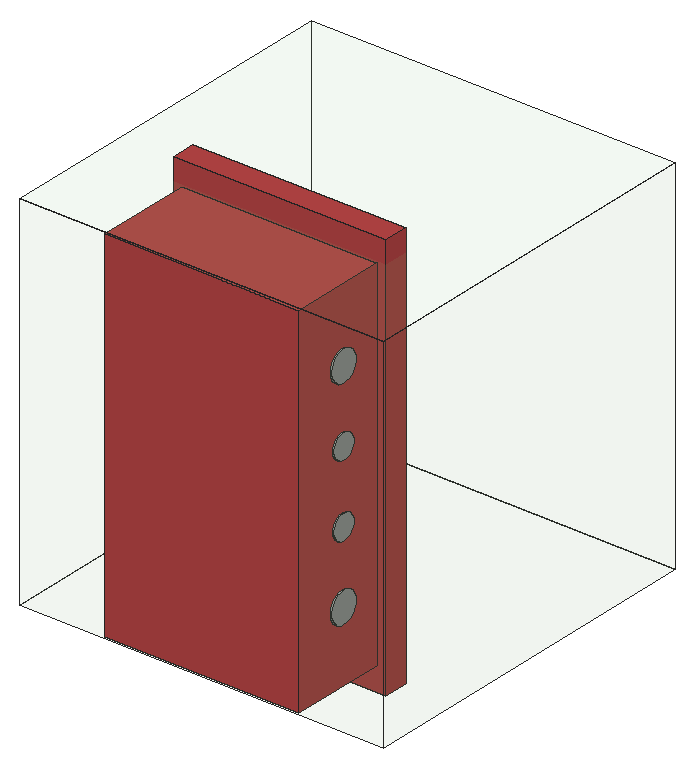
Revit family "ZETA_Коробка_Клемная_КМ 65-20_IP65_Металический", category Электрические приборы, Revit 2021
Family settings
  Сохранять ориентацию аннотаций = Нет
  Размер круглого соединителя = Использовать диаметр
  Тип детали = Нормальный
  На основе рабочей плоскости = Да
  Всегда вертикально = Нет
  При загрузке вырезать с полостями = Нет
  Общий = Нет
  Точка принадлежности помещению = Да
Parameters (values of type "65-20_IP65")
  УГО_Ширина = 10 mm
  УГО_Смещение_Х [instance] = 0 mm
  УГО_Смещение_Y [instance] = 0 mm
  УГО_Высота = 5 mm
  Температура эксплуатации = "от -40°С до +60°С"
  Сечение жил до = "4мм2"
  Сертификат = "RU C-RU.АД84.В.00192/20"
  Потолочное размещение [instance] = no
  Default Elevation = 1219.2 mm
  Описание = "Коробки клеммные соединительные КМ43 и КМ65 предназначены для\r\nсоединения и разветвления силовых электрических цепей и цепей КИПиА,\r\nвыполняемых контрольными и силовыми кабелями с алюминиевыми или медными\r\nжилами сечением 1,5-4мм2."
  Номинальный ток = "до 25A"
  Напряжение постоянного тока = "440 В"
  Напряжение переменного тока = "660 В"
  Крышка_Ширина = 160 mm
  Крышка_Длина = 190 mm
  Климатическое исполнение = "УХЛ1,5"
  Изготовитель = "АО «ЗЭТА»"  # constant formula
  Изготавливается по = "ТУ 27.33.13.120-047-99856433-2020"
  URL = "https://nzeta.ru/"
  D3 = 20 mm
  D2 = 32 mm
  D1 = 25 mm
  В_УГО_Смещение_У [instance] = УГО_Смещение_Y + 2000 mm  # 2000 mm
  В_УГО_Смещение_X [instance] = УГО_Смещение_Х + 2000 mm  # 2000 mm
  ADSK_Ток = 0 A
  ADSK_Степень защиты_IP = "IP65"
  ADSK_Размер_Ширина = 175 mm
  ADSK_Размер_УголПоворота [instance] = if(Потолочное размещение, -90.00°, 180.00°)  # 180.00°
  ADSK_Размер_Длина = 336 mm
  ADSK_Размер_Высота = 100 mm
  ADSK_Примечание [instance] = ""
  ADSK_Полная мощность = 0 VA
  ADSK_Позиция [instance] = ""
  ADSK_Обозначение = "KK"
  ADSK_Номинальная мощность = 0 W
  ADSK_Номер стояка = ""
  ADSK_Номер линии = 0
  ADSK_Напряжение = 230 V
  ADSK_Наименование краткое = "КМ 65-20"
  ADSK_Наименование = "Коробка монтажная КМ 65-20 УХЛ1,5 IP65 металлические заглушки ГОФРОМАТИК"
  ADSK_Материал наименование = "Сталь оцинкованная"
  ADSK_Масса_Текст = "1,8"
  ADSK_Масса = 1.8
  ADSK_Марка = "KK КМ 65-20 УХЛ1,5 IP65"
  ADSK_Коэффициент мощности = 1
  ADSK_Количество фаз числовое = 1
  ADSK_Количество фаз = 1
  ADSK_Количество = 1
  ADSK_Код изделия = "zeta30326"
  ADSK_Классификация нагрузок = Прочее
  ADSK_Завод-изготовитель = "АО «ЗЭТА»"  # constant formula
  ADSK_Единица измерения = "шт"  # constant formula
  ADSK_Версия семейства = "v.1"  # constant formula
  ADSK_Версия Revit = "2021"
  ADSK_URL страницы изделия = "https://nzeta.ru/catalog/?q=zeta30326"
  ADSK_URL документации изделия = "https://nzeta.ru/upload/uf/127/j89p5yqxgehqwon6k3shxsjnek0zqcui/passport.pdf"
Reference planes
  plane 1 "По центру (Вперед/Назад)": y = 0
  plane 2: z = 0
  plane 3 "По центру (Влево/Вправо)": x = 0
  plane 4: x = -2000
  plane 5: y = -2000
  plane 6: x = 0
  plane 7: y = 0
Lines and regions (mm)
  reference lines
    curve 1: line (0, 0, 0) -> (0, 0, -180)
    curve 2: line (0, 0, 0) -> (0, 140, 0)
Dimensions and locks
  "В_УГО_Смещение_X": plane 4 to plane 6
  "В_УГО_Смещение_У": plane 7 to plane 5
  angle curve 2 to curve 1 = 90.00°
  "ADSK_Размер_УголПоворота": angle plane 1 "По центру (Вперед/Назад)" to curve 1
  aligned and locked: level to plane 2
  aligned and locked: plane 6 to nested 1
  aligned and locked: nested 1 to plane 7
  aligned and locked: plane 2 to curve 2
  aligned and locked: plane 1 "По центру (Вперед/Назад)" to curve 1
  aligned and locked: nested 2 to curve 2
Nested families
  nested 1: "УГО_Клеменная_Коробка_(GenAnn)" at (0, 0, 0), УГО_Высота <- "УГО_Высота", УГО_Длина <- "УГО_Ширина", ADSK_Обозначение <- "ADSK_Обозначение", ADSK_Степень защиты_IP <- "ADSK_Степень защиты_IP", type "УГО_Клеменная_Коробка_(GenAnn)", detail levels coarse+medium
    with УГО_Длина 10 mm, УГО_Высота 5 mm, ADSK_Степень защиты_IP "IP65", ADSK_Обозначение "KK"
  nested 2: "ZETA_Коробка_Клемная_КМ 65-20_IP65_МеталлВ_Геометрия" at (0, 0, 0) x (0, 0, -1) z (0, 1, 0), type "65-20", detail levels medium+fine
  nested 3: "Zeta_Зона обслуживания" at (0, 0, 0) x (-1, 0, 0) z (0, 0, -1), type "Зона обслуживания_Куб", detail levels medium+fine
    with Зона обслуживания_Ширина 300 mm, Зона обслуживания_Длина 300 mm, Зона обслуживания_Высота 300 mm
Connectors
  cabletrayconduit at (-81.999, 43.588, 88.893), diameter 32, driven by "D2"
    settings: on nested 2, index 2, connector width 300 mm, connector height 300 mm, connector angle 0.00°, system type 32, placement type 0, profile type 0, connector reference index -1, is primary connector yes, connector utility param no, connector description ""
  cabletrayconduit at (-81.999, 43.588, 0), diameter 25, driven by "D1"
    settings: on nested 2, index 3, connector width 300 mm, connector height 300 mm, connector angle 0.00°, system type 32, placement type 0, profile type 0, connector reference index -1, is primary connector no, connector utility param no, connector description ""
  cabletrayconduit at (-81.999, 43.588, -88.893), diameter 32, driven by "D2"
    settings: on nested 2, index 4, connector width 300 mm, connector height 300 mm, connector angle 0.00°, system type 32, placement type 0, profile type 0, connector reference index -1, is primary connector no, connector utility param no, connector description ""
  electrical at (0, 0, 0), driven by "ADSK_Количество фаз", driven by "ADSK_Классификация нагрузок", driven by "ADSK_Напряжение", driven by "ADSK_Полная мощность", driven by "ADSK_Коэффициент мощности"
    settings: on nested 2, index 5, voltage 230 V, apparent load 0 VA, apparent load phase1 0 VA, apparent load phase2 0 VA, apparent load phase3 0 VA, power factor 1, load classification "Прочее", number of poles 1, system type 30, power factor state 1, is connector primary yes, connector utility no, sub classification motor no, connector description ""
  cabletrayconduit at (81.928, 43.588, 89.057), diameter 25, driven by "D1"
    settings: on nested 2, index 7, connector width 300 mm, connector height 300 mm, connector angle 0.00°, system type 32, placement type 0, profile type 0, connector reference index -1, is primary connector no, connector utility param no, connector description ""
  cabletrayconduit at (81.928, 43.588, -89.057), diameter 25, driven by "D1"
    settings: on nested 2, index 8, connector width 300 mm, connector height 300 mm, connector angle 0.00°, system type 32, placement type 0, profile type 0, connector reference index -1, is primary connector no, connector utility param no, connector description ""
  cabletrayconduit at (81.928, 43.588, 29.686), diameter 20, driven by "D3"
    settings: on nested 2, index 9, connector width 300 mm, connector height 300 mm, connector angle 0.00°, system type 32, placement type 0, profile type 0, connector reference index -1, is primary connector no, connector utility param no, connector description ""
  cabletrayconduit at (81.928, 43.588, -29.686), diameter 20, driven by "D3"
    settings: on nested 2, index 10, connector width 300 mm, connector height 300 mm, connector angle 0.00°, system type 32, placement type 0, profile type 0, connector reference index -1, is primary connector no, connector utility param no, connector description ""
Definition of nested family "ZETA_Коробка_Клемная_КМ 65-20_IP65_МеталлВ_Геометрия"
  Parameters (values of type "65-20")
    Привязки_Штуцер = 177.786 mm
    Default Elevation = 1219.2 mm
    Основание_Ширина = ADSK_Размер_Ширина * 0.9142  # 159.985 mm
    Основание_Длина = ADSK_Размер_Длина * 0.8835  # 296.856 mm
    Manufacturer = "АО \"ЗЭТАРУС\""
    D3 = 20 mm
    D2 = 32 mm
    D1 = 25 mm
    ADSK_Размер_Ширина = 175 mm
    ADSK_Размер_Длина = 336 mm
    ADSK_Размер_Высота = 100 mm
  Reference planes
    plane 1 "По центру (Вперед/Назад)": y = 0
    plane 2: z = 0
    plane 3 "По центру (Влево/Вправо)": x = 0
    plane 4: x = -148.428
    plane 5: x = 148.428
    plane 6: y = -79.992
    plane 7: y = 79.993
    plane 8: x = -168
    plane 9: y = -87.5
    plane 10: x = 168
    plane 11: y = 87.5
    plane 12: z = 100
    plane 13: z = 79.822
    plane 14: y = -57.269
    plane 15: y = 57.269
    plane 16: z = 43.588
    plane 17: y = -81.999
    plane 18: y = 81.928
    plane 19: x = -88.893
    plane 20: x = 88.893
    plane 21: x = -29.686
    plane 22: x = -89.057
    plane 23: x = 29.686
    plane 24: x = 89.057
  Forms (mm)
    Extrusion 1, solid
      sketch origin (0, 0, 0) x (1, 0, 0) y (0, 1, 0)
        loop
          line (-148.428, 79.993) -> (-148.428, -79.992) -> (148.428, -79.992) -> (148.428, 79.993) -> (-148.428, 79.993)
      from 0 to 79.822
    Extrusion 2, solid
      sketch origin (0, 0, 0) x (1, 0, 0) y (0, 1, 0)
        loop
          line (-168, 87.5) -> (-168, -87.5) -> (168, -87.5) -> (168, 87.5) -> (-168, 87.5)
      from 100 to 79.822
    Extrusion 3, solid
      sketch origin (0, 0, 0) x (1, 0, 0) y (0, 0, 1)
        loop
          circle (-88.893, 43.588) r 16
      from 79.992 to 81.999
    Extrusion 4, solid
      sketch origin (43.5, 0, 0) x (1, 0, 0) y (0, 0, 1)
        loop
          circle (-43.5, 43.588) r 12.5
      from 81.999 to 79.992
    Extrusion 5, solid
      sketch origin (117, 0, 0) x (1, 0, 0) y (0, 0, 1)
        loop
          circle (-28.107, 43.588) r 16
      from 81.999 to 79.992
    Extrusion 6, solid
      sketch origin (85.899, 167.006, 14.478) x (1, 0, 0) y (0, 0, 1)
        loop
          circle (-115.585, 29.11) r 10
      from 85.079 to 87.014
    Extrusion 7, solid
      sketch origin (26.528, 167.006, 14.478) x (1, 0, 0) y (0, 0, 1)
        loop
          circle (-115.585, 29.11) r 12.5
      from 85.079 to 87.014
    Extrusion 8, solid
      sketch origin (145.27, 167.006, 14.478) x (1, 0, 0) y (0, 0, 1)
        loop
          circle (-115.585, 29.11) r 10
      from 85.079 to 87.014
    Extrusion 9, solid
      sketch origin (204.642, 167.006, 14.478) x (1, 0, 0) y (0, 0, 1)
        loop
          circle (-115.585, 29.11) r 12.5
      from 85.079 to 87.014
  Dimensions and locks
    equal spacing: plane 4, plane 3 "По центру (Влево/Вправо)", plane 5
    equal spacing: plane 7, plane 1 "По центру (Вперед/Назад)", plane 6
    "Основание_Ширина": plane 7 to plane 6
    "Основание_Длина": plane 4 to plane 5
    equal spacing: plane 11, plane 1 "По центру (Вперед/Назад)", plane 9
    equal spacing: plane 8, plane 3 "По центру (Влево/Вправо)", plane 10
    "ADSK_Размер_Ширина": plane 11 to plane 9
    "ADSK_Размер_Длина": plane 8 to plane 10
    "ADSK_Размер_Высота": plane 12 to level
    locked: plane 6 to plane 17 at 2.006
    locked: plane 18 to plane 7 at 1.935
    equal spacing: plane 19, plane 3 "По центру (Влево/Вправо)", plane 20
    equal spacing: plane 4, plane 22, plane 21, plane 23, plane 24, plane 5
    "Привязки_Штуцер": plane 19 to plane 20
    "D2": diameter of Extrusion 3 sketch curve
    "D1": diameter of Extrusion 4 sketch curve
    "D2": diameter of Extrusion 5 sketch curve
    "D3": diameter of Extrusion 6 sketch curve
    "D1": diameter of Extrusion 7 sketch curve
    "D3": diameter of Extrusion 8 sketch curve
    "D1": diameter of Extrusion 9 sketch curve
    aligned and locked: level to plane 2
    aligned and locked: Extrusion 1 sketch curve to plane 7
    aligned and locked: plane 4 to Extrusion 1 sketch curve
    aligned and locked: plane 6 to Extrusion 1 sketch curve
    aligned and locked: Extrusion 1 sketch curve to plane 5
    aligned and locked: Extrusion 2 sketch curve to plane 11
    aligned and locked: plane 8 to Extrusion 2 sketch curve
    aligned and locked: plane 9 to Extrusion 2 sketch curve
    aligned and locked: Extrusion 2 sketch curve to plane 10
    aligned and locked: Extrusion 2 to plane 13
    aligned and locked: Extrusion 1 to Extrusion 2
    aligned and locked: plane 16 to Extrusion 3 sketch curve
    aligned and locked: plane 6 to Extrusion 3
    aligned and locked: Extrusion 3 to plane 17
    aligned and locked: plane 18 to Extrusion 6
    aligned and locked: Extrusion 6 to plane 7
    aligned and locked: Extrusion 4 to Extrusion 1
    aligned and locked: Extrusion 4 to plane 17
    aligned and locked: Extrusion 5 to Extrusion 1
    aligned and locked: Extrusion 5 to plane 17
    aligned and locked: plane 19 to Extrusion 3 sketch curve
    aligned and locked: plane 20 to Extrusion 5 sketch curve
    aligned and locked: plane 16 to Extrusion 5 sketch curve
    aligned and locked: plane 16 to Extrusion 6 sketch curve
    aligned and locked: plane 21 to Extrusion 6 sketch curve
  Automatic sketch dimensions
    Extrusion 4 sketch curve to plane 3 "По центру (Влево/Вправо)" = 0 mm
    Extrusion 4 sketch curve to plane 16 = 0 mm
    Extrusion 7 sketch curve to plane 16 = 0 mm
    Extrusion 7 sketch curve to plane 22 = 0 mm
    Extrusion 8 sketch curve to plane 16 = 0 mm
    Extrusion 8 sketch curve to plane 23 = 0 mm
    Extrusion 9 sketch curve to plane 16 = 0 mm
    Extrusion 9 sketch curve to plane 24 = 0 mm
Definition of nested family "Zeta_Зона обслуживания"
  Parameters (values of type "Зона обслуживания_Куб")
    Default Elevation = 1219.2 mm
    Зона обслуживания_Ширина [instance] = 300 mm
    Зона обслуживания_Длина [instance] = 300 mm
    Зона обслуживания_Высота [instance] = 300 mm
  Reference planes
    plane 1 "По центру (Вперед/Назад)": y = 0
    plane 2: z = 0
    plane 3 "По центру (Влево/Вправо)": x = 0
    plane 4: x = -150
    plane 5: x = 150
    plane 6: y = 300
    plane 7: z = 150
    plane 8: z = -150
  Forms (mm)
    Extrusion 1, solid
      sketch origin (0, 0, 0) x (1, 0, 0) y (0, 1, 0)
        loop
          line (-150, 300) -> (-150, 0) -> (150, 0) -> (150, 300) -> (-150, 300)
      from -150 to 150
  Dimensions and locks
    equal spacing: plane 4, plane 3 "По центру (Влево/Вправо)", plane 5
    "Зона обслуживания_Ширина": plane 6 to plane 1 "По центру (Вперед/Назад)"
    "Зона обслуживания_Длина": plane 4 to plane 5
    equal spacing: plane 7, level, plane 8
    "Зона обслуживания_Высота": plane 7 to plane 8
    aligned and locked: level to plane 2
    aligned and locked: Extrusion 1 sketch curve to plane 6
    aligned and locked: plane 4 to Extrusion 1 sketch curve
    aligned and locked: Extrusion 1 sketch curve to plane 5
    aligned and locked: Extrusion 1 to plane 8
    aligned and locked: plane 7 to Extrusion 1
    aligned and locked: plane 1 "По центру (Вперед/Назад)" to Extrusion 1
  Automatic sketch dimensions
    plane 1 "По центру (Вперед/Назад)" to Extrusion 1 sketch curve = 0 mm
Definition of nested family "УГО_Клеменная_Коробка_(GenAnn)"
  Parameters (values of type "УГО_Клеменная_Коробка_(GenAnn)")
    УГО_Длина [instance] = 10 mm
    УГО_Высота [instance] = 5 mm
    ADSK_Степень защиты_IP [instance] = ""
    ADSK_Обозначение [instance] = ""
  Reference planes
    plane 1: y = 0
    plane 2: x = 0
  Lines and regions (mm)
    Filled region 1, type "Filled region 1"
      outline origin (0, 0, 0) x (1, 0, 0) y (0, 1, 0)
        loop
          line (-5, 2.5) -> (-5, -2.5) -> (5, -2.5) -> (5, 2.5) -> (-5, 2.5)
    reference lines
      curve 1: line (-5, 2.5, 0) -> (-5, -2.5, 0)
      curve 2: line (-5, -2.5, 0) -> (5, -2.5, 0)
      curve 3: line (5, 2.5, 0) -> (5, -2.5, 0)
      curve 4: line (-5, 2.5, 0) -> (5, 2.5, 0)
  Text (mm)
    label "KK IP 54" at (0.033, -0.03, 0), shows "ADSK_Обозначение", "ADSK_Степень защиты_IP"
  Dimensions and locks
    equal spacing: curve 1, plane 2, curve 3
    equal spacing: curve 2, plane 1, curve 4
    "УГО_Длина": curve 1 to curve 3
    "УГО_Высота": curve 2 to curve 4
    aligned and locked: Filled region 1 sketch curve to curve 4
    aligned and locked: Filled region 1 sketch curve to curve 1
    aligned and locked: Filled region 1 sketch curve to curve 2
    aligned and locked: Filled region 1 sketch curve to curve 3
